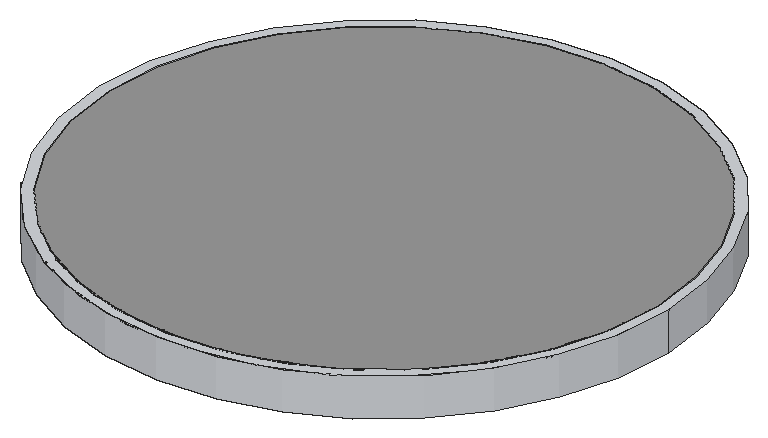
Revit family "2071254", category Lighting Fixtures, host Face, Revit 2018
Family settings
  Host = Face
  Round Connector Dimension = Use Diameter
  Part Type = Normal
  OmniClass Number = 23.80.70.00
  OmniClass Title = Lighting
  Cut with Voids When Loaded = No
  Light Source = Yes
  Shared = No
  Room Calculation Point = No
Parameters (values of type "2071254 COLOSSAL 900 940 PR DIR WHT DALI EM")
  iner diameter = 856 mm
  Weight = "n/a"
  Wattage Comments = ""
  Wattage = 30 W
  WarrantyStartDate [instance] = "n/a"
  WarrantyGuarantorParts = "n/a"
  WarrantyDurationUnit = "n/a"
  WarrantyDurationParts = ""
  WarrantyDescription = "http://www.sylvania-lighting.com"
  built-in parameter 1150110 = 1 (stored number, unit not read)
  Voltage = 230 V
  URL = "0.99"
  TypeName = "COLOSSAL 900mm 940 PRISM DIR WHITE DALI EM"
  Type Image = <None>
  Type Comments = "n/a"
  built-in parameter 1114217 = 1 (stored number, unit not read)
  Tilt Angle = -90.00°
  built-in parameter 1150109 = 1 (stored number, unit not read)
  built-in parameter 1150134 = (empty or 0)
  built-in parameter 1150113 = 1 (stored number, unit not read)
  SerialNumber [instance] = "n/a"
  Photometric Web File = "2071254.ies"
  Material_3_SYL = LED-Sylvania
  PowerFactor = 0
  PowerConsumption = "Lighting"
  NominalLength = 888 mm
  NominalHeight = 93 mm
  NominalDepth = 888 mm
  Name = "COLOSSAL 900mm 940 PRISM DIR WHITE DALI EM"
  ModelReference = Name  # "COLOSSAL 900mm 940 PRISM DIR WHITE DALI EM"
  ModelNumber = "2071254"
  Model = Name  # "COLOSSAL 900mm 940 PRISM DIR WHITE DALI EM"
  Material = "Feilo Sylvania"
  ManufacturerName = "116 lm/W"
  Manufacturer = ""
  LuminousEfficacy = ""
  built-in parameter 1150105 = 270.44 (stored number, unit not read)
  Lumens = 3398.4 lm
  LuminaireType = "0"
  built-in parameter 1150115 = 1 (stored number, unit not read)
  LightOutputRatio = "LED"
  built-in parameter 1150137 = (empty or 0)
  built-in parameter 1150139 = (empty or 0)
  LampsType = Lamp  # "n/a"
  LampNominalLuminous = "4000 K"
  LampMacAdamStep = "90"
  LampColourTemperature = "LED"
  LampColourRenderingIndex = "16500"
  built-in parameter 1150112 = 1 (stored number, unit not read)
  built-in parameter 1150114 = 1 (stored number, unit not read)
  Lamp = "n/a"
  Keynote = "n/a"
  InstallationDate [instance] = "n/a"
  InputVoltage = "0"
  InputNominalFrequency = "4000"
  built-in parameter 1150132 = (empty or 0)
  built-in parameter 1150102 = (empty or 0)
  built-in parameter 1150107 = 3000 (stored number, unit not read)
  built-in parameter 1150138 = (empty or 0)
  IngressProtection = "IfcLightFixtureType"
  ImpactProtectionIndex = "IfcLightFixtureType"
  built-in parameter 1150106 = 2.7044 (stored number, unit not read)
  IfcExportType = "IfcLightFixtureType"
  IfcExportAs = "Class I"
  Emit from Circle Diameter = 385 mm
  Emit Shape Visible in Rendering = no
  ElectricShockClassification = "116"
  built-in parameter 1150104 = 10.524 (stored number, unit not read)
  DocumentationLiterature = "http://www.sylvania-lighting.com/product/en-int/products/2071254"
  DimmingControlOptions = "n/a"
  Material_2_SYL = Polycarbonate_Sylvania_White
  Dimming Lamp Color Temperature Shift = <None>
  Description = "900mm diameter circular architectural luminaire, can be surface mounted or suspended. Powder coated aluminium housing (RAL9016) with PMMA prismatic diffuser. Direct light distribution, 6955lm luminuous flux, 60W system power, 116lm/W luminiaire efficacy. DALI dimmable. 3 hours integrated emergency. Colour rendering index Ra >90, 4000K Neutral White LED, chromaticity tolerance of 3-step MacAdam ellipse. IP40/IP20, IK03. 350mA drive current. UGR≤19. Electrical protection Class1, 220-240V. Reported lifetime 66k hours L90B10."
  Default Elevation = 1219.2 mm
  CreatedOn = "23/03/2022"
  CreatedBy = "@sylvania-lighting.com"
  Cost = 0
  Color Filter = 16777215
  built-in parameter 1114216 [instance] = (empty or 0)
  ClassificationValue = "EF_70_80"
  ClassificationName = "Uniclass2015"
  Material_1_SYL = Polycarbonate_Sylvania_Opal
  BarCode [instance] = "n/a"
  built-in parameter 1114218 = 1 (stored number, unit not read)
  built-in parameter 1150133 = 10 (stored number, unit not read)
  AssetType = "Fixed"
  AssetIdentifier [instance] = "n/a"
  Assembly Code = "D5020200"
  Apparent Load = 60 VA
  Material_4_SYL = none
Reference planes
  plane 1 "Center (Front/Back)": y = 0
  plane 2: z = 0
  plane 3 "Center (Left/Right)": x = 0
  plane 4: z = 1.161
  plane 5: z = 16.161
  plane 6: x = -444
  plane 7: x = 444
  plane 8: y = 444
  plane 9: y = -444
  plane 10: y = 236
  plane 11: y = -236
  plane 12: x = 85
  plane 13: x = -85
  plane 14: through (0, 0, 1219.2) normal (0.5, 0.866, 0)
  plane 15: through (42.5, 73.612, 1219.2) normal (0.5, 0.866, 0)
  plane 16: through (-42.5, -73.612, 1219.2) normal (0.5, 0.866, 0)
  plane 17: through (0, 0, 1219.2) normal (0.5, -0.866, 0)
  plane 18: through (-42.5, 73.612, 1219.2) normal (0.5, -0.866, 0)
  plane 19: through (42.5, -73.612, 1219.2) normal (0.5, -0.866, 0)
  plane 20: z = 93
  plane 21: y = 428
  plane 22: y = -428
Forms (mm)
  Extrusion 1, solid, detail levels medium+fine
    sketch origin (0, 0, 0) x (0.866025, -0.5, 0) y (0.5, 0.866025, 0)
      loop
        circle (-50, 86.603) r 22
    from 0 to 2
  Extrusion 2, solid, detail levels medium+fine
    sketch origin (0, 0, 0) x (0.866025, -0.5, 0) y (0.5, 0.866025, 0)
      loop
        circle (100, 0) r 22
      loop
        circle (-50, -86.603) r 22
    from 0 to 2
  Blend 3, solid, detail levels medium+fine
    base sketch origin (0, 0, 0) x (1, 0, 0) y (0, 1, 0)
      loop
        line (-85, 236) -> (-246.882, -44.388) -> (-161.882, -191.612) -> (161.882, -191.612) -> (246.882, -44.388) -> (85, 236) -> (-85, 236)
    top sketch origin (0, 0, 0) x (1, 0, 0) y (0, 1, 0)
      loop
        line (-85, 283.076) -> (-287.651, -67.926) -> (-207.792, -218.119) -> (207.792, -218.119) -> (292.5, -71.401) -> (85, 283.076) -> (-85, 283.076)
    from 0 to 33.022
  Extrusion 4, solid, detail levels medium+fine
    sketch origin (0, 0, 0) x (1, 0, 0) y (0, 1, 0)
      loop
        circle (0, 0) r 444
    from 33.022 to 93
  Extrusion 5, void
    sketch origin (0, 0, 0) x (1, 0, 0) y (0, 1, 0)
      loop
        circle (0, 0) r 428
    from 96.588 to 37.292
  Extrusion 6, solid, material "Glass, White, High Luminance", detail levels fine
    sketch origin (0, 0, 0) x (1, 0, 0) y (0, 1, 0)
      loop
        circle (0, 0) r 428
    from 87.991 to 93
  Extrusion 7, solid, detail levels coarse
    sketch origin (0, 0, 0) x (1, 0, 0) y (0, 1, 0)
      loop
        line (-444, 444) -> (-444, -444) -> (444, -444) -> (444, 444) -> (-444, 444)
    from 0 to 93.648
Cuts and joins
  Extrusion 5 cuts Extrusion 1
  Extrusion 5 cuts Extrusion 2
  Extrusion 5 cuts Blend 3
  Extrusion 5 cuts Extrusion 4
Lines and regions (mm)
  model lines, detail levels medium+fine
    curve 1: circle (0, 0, 0) r 100 normal (0, 0, 1)
Dimensions and locks
  "NominalDepth": plane 8 to plane 9
  plane 8 to plane 1 "Center (Front/Back)" to plane 9 = 444 mm, 444 mm
  "NominalLength": plane 6 to plane 7
  equal spacing: plane 6, plane 3 "Center (Left/Right)", plane 7
  "NominalHeight": level to plane 20
  "iner diameter": plane 21 to plane 22
  equal spacing: plane 21, plane 1 "Center (Front/Back)", plane 22
  aligned and locked: plane 2 to host face
  aligned and locked: level to host face
Automatic sketch dimensions
  host sketch curve to host sketch curve = 2438.4 mm  (x2)
  Extrusion 1 sketch curve to plane 3 "Center (Left/Right)" = 0 mm
  Extrusion 1 sketch curve to plane 1 "Center (Front/Back)" = 100 mm
  plane 1 "Center (Front/Back)" to Extrusion 2 sketch curve = 50 mm
  Extrusion 2 sketch curve to plane 3 "Center (Left/Right)" = 86.603 mm
  Extrusion 2 sketch curve to Extrusion 2 sketch curve = 150 mm
  Extrusion 2 sketch curve to Extrusion 2 sketch curve = 86.603 mm
  plane 1 "Center (Front/Back)" to curve 1 = 0 mm
  curve 1 to plane 3 "Center (Left/Right)" = 0 mm
  plane 18 to Blend 3 sketch curve = 0 mm  (x2)
  plane 19 to Blend 3 sketch curve = 0 mm  (x2)
  Blend 3 sketch curve to plane 10 = 0 mm
  Blend 3 sketch curve to plane 13 = 0 mm  (x2)
  Blend 3 sketch curve to plane 12 = 0 mm  (x2)
  Blend 3 sketch curve to plane 16 = 0 mm  (x2)
  Blend 3 sketch curve to plane 15 = 0 mm
  plane 11 to Blend 3 sketch curve = 44.388 mm
  plane 1 "Center (Front/Back)" to Blend 3 sketch curve = 44.388 mm  (x2)
  plane 11 to Blend 3 sketch curve = 17.881 mm
  plane 1 "Center (Front/Back)" to Blend 3 sketch curve = 67.926 mm
  plane 1 "Center (Front/Back)" to Blend 3 sketch curve = 71.401 mm
  Blend 3 sketch curve to plane 7 = 151.5 mm
  plane 10 to Blend 3 sketch curve = 47.076 mm
  plane 1 "Center (Front/Back)" to Extrusion 4 sketch curve = 0 mm
  Extrusion 4 sketch curve to plane 3 "Center (Left/Right)" = 0 mm
  plane 1 "Center (Front/Back)" to Extrusion 5 sketch curve = 0 mm
  Extrusion 5 sketch curve to plane 3 "Center (Left/Right)" = 0 mm
  plane 1 "Center (Front/Back)" to Extrusion 6 sketch curve = 0 mm
  Extrusion 6 sketch curve to plane 3 "Center (Left/Right)" = 0 mm
  Extrusion 7 sketch curve to plane 6 = 0 mm
  Extrusion 7 sketch curve to plane 7 = 0 mm
  Extrusion 7 sketch curve to plane 9 = 0 mm
  Extrusion 7 sketch curve to plane 8 = 0 mm
  radius of Extrusion 1 sketch curve = 22 mm
  radius of Extrusion 2 sketch curve = 22 mm  (x2)
  radius of curve 1 = 100 mm
  radius of Extrusion 4 sketch curve = 444 mm
  radius of Extrusion 5 sketch curve = 428 mm
  radius of Extrusion 6 sketch curve = 428 mm
Connectors
  electrical at (0, 0, 0), driven by "Apparent Load", driven by "PowerFactor", driven by "Voltage"
    settings: index 1, voltage 230 V, apparent load 60 VA, apparent load phase1 0 VA, apparent load phase2 0 VA, apparent load phase3 0 VA, power factor 0, load classification "Lighting", number of poles 1, system type 30, power factor state 1, is connector primary yes, connector utility no, sub classification motor no, connector description ""
